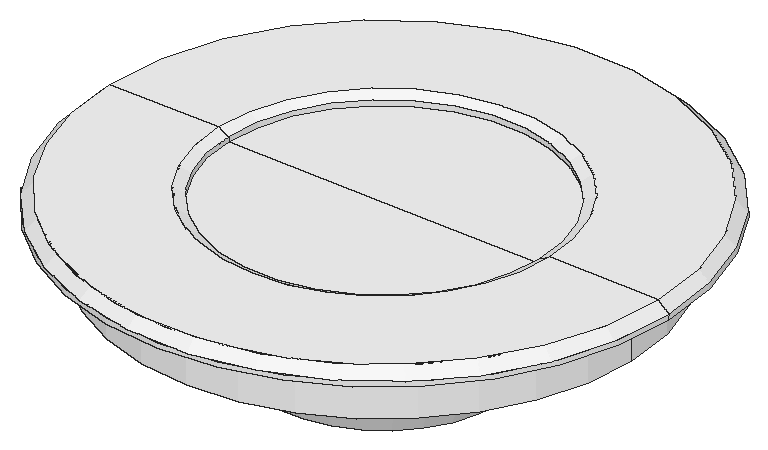
Revit family "0053971", category Lighting Fixtures, host Face, Revit 2016
Family settings
  Host = Face
  Part Type = Normal
  Round Connector Dimension = Use Diameter
  OmniClass Number = 23.80.70.11.14.11
  OmniClass Title = Downlights
  Cut with Voids When Loaded = No
  Light Source = Yes
  Shared = No
  Room Calculation Point = No
Parameters (values of type "0053971 START ECO DOWNLIGHT FLAT 100 600LM 840")
  Weight = "0.606 kg"
  Wattage Comments = "n/a"
  Wattage = 7.2 W
  WarrantyStartDate [instance] = "n/a"
  WarrantyGuarantorParts = "n/a"
  WarrantyDurationUnit = "n/a"
  WarrantyDurationParts = "n/a"
  WarrantyDescription = "n/a"
  built-in parameter 1150110 = 1 (stored number, unit not read)
  Voltage = 0 V
  URL = "http://www.sylvania-lighting.com"
  TypeName = "START ECO Downlight Flat 100 600LM 840"
  Type Image = <None>
  Type Comments = "n/a"
  built-in parameter 1114217 = 1 (stored number, unit not read)
  Tilt Angle = -90.00°
  built-in parameter 1150109 = 1 (stored number, unit not read)
  built-in parameter 1150134 = 12
  built-in parameter 1150113 = 1 (stored number, unit not read)
  SerialNumber [instance] = "n/a"
  ReflectorMaterial = none
  RecessedHeight_FEILO = 27 mm
  RecessedDiameter_FEILO = 100 mm
  PowerFactor = 0.9
  PowerConsumption = "7.2 W"
  Photometric Web File = "0053971.ies"
  NominalLength = 115 mm
  NominalHeight = 27 mm
  NominalDepth = 115 mm
  Name = "START ECO Downlight Flat 100 600LM 840"
  ModelReference = Name  # "START ECO Downlight Flat 100 600LM 840"
  ModelNumber = "0053971"
  Model = Name  # "START ECO Downlight Flat 100 600LM 840"
  Material = "n/a"
  ManufacturerName = "Feilo Sylvania"
  Manufacturer = "Feilo Sylvania"
  LuminousEfficacy = "83 lm/W"
  built-in parameter 1150105 = 205.27 (stored number, unit not read)
  Lumens = 597.6 lm
  LuminaireType = ""
  built-in parameter 1150115 = 1 (stored number, unit not read)
  LightOutputRatio = "100"
  built-in parameter 1150137 = (empty or 0)
  built-in parameter 1150139 = (empty or 0)
  LampsType = Lamp  # "LED"
  LampNominalLuminous = "600 lm"
  LampMacAdamStep = "6"
  LampColourTemperature = "4000 K"
  LampColourRenderingIndex = "80"
  built-in parameter 1150112 = 1 (stored number, unit not read)
  built-in parameter 1150114 = 1 (stored number, unit not read)
  Lamp = "LED"
  Keynote = "16500"
  InstallationDate [instance] = "n/a"
  InputVoltage = "n/a"
  InputNominalFrequency = "n/a"
  built-in parameter 1150132 = (empty or 0)
  built-in parameter 1150102 = (empty or 0)
  built-in parameter 1150107 = 4000 (stored number, unit not read)
  built-in parameter 1150138 = (empty or 0)
  IngressProtection = "IP20"
  ImpactProtectionIndex = "IK03"
  built-in parameter 1150106 = 2.0527 (stored number, unit not read)
  IfcExportType = "IfcLightFixtureType"
  IfcExportAs = "IfcLightFixtureType"
  ExpectedLife = 50000
  Emit from Circle Diameter = BodyLength_FEILO - 48 mm  # 67 mm
  Emit Shape Visible in Rendering = no
  ElectricShockClassification = "Class II"
  built-in parameter 1150104 = 7.711 (stored number, unit not read)
  DurationUnit = "hours"
  DocumentationLiterature = "http://www.sylvania-lighting.com/product/en-int/products/0053971"
  DimmingControlOptions = "n/a"
  Dimming Lamp Color Temperature Shift = <None>
  DiffuserMaterial = Diffuser-Sylvania-Glow
  Description = ""
  Default Elevation = 1219.2 mm
  CutoutHeight_FEILO = RecessedHeight_FEILO + 10 mm  # 37 mm
  CreatedOn = "2/12/2019"
  CreatedBy = "@sylvania-lighting.com"
  Cost = 0
  Color Filter = 16777215
  built-in parameter 1114216 [instance] = (empty or 0)
  ClassificationValue = "EF_70_80"
  ClassificationName = "Uniclass2015"
  BodyWidth_FEILO = BodyLength_FEILO  # 115 mm
  BodyMaterial = Body-Sylvania-SylFlatDimmable-White
  BodyLength_FEILO = 115 mm
  BarCode [instance] = "n/a"
  built-in parameter 1114218 = 1 (stored number, unit not read)
  built-in parameter 1150133 = 10 (stored number, unit not read)
  AssetType = "Fixed"
  AssetIdentifier [instance] = "n/a"
  Assembly Code = "D5020200"
  Apparent Load = 7.2 VA
  AccessoryMaterial = Diffuser-Sylvania-Glow
Reference planes
  plane 1 "Center (Front/Back)": y = 0
  plane 2: z = 0
  plane 3 "Center (Left/Right)": x = 0
  plane 4: x = 57.5
  plane 5: x = -57.5
  plane 6: y = 57.5
  plane 7: y = -57.5
  plane 8: z = 3
  plane 9: z = -27
  plane 10: x = 50
  plane 11: x = -50
  plane 12: y = 50
  plane 13: y = -50
  plane 14: z = 2
  plane 15: x = -33.5
  plane 16: z = -27
  plane 17: z = -37
  plane 18: x = -23.5
  plane 19: z = -10
  plane 20: z = 1
  plane 21: x = -55.5
  plane 22: x = -31.5
Forms (mm)
  Revolve 1, void
    sketch origin (0, 0, 0) x (1, 0, 0) y (0, 0, 1)
      loop
        line (0, 0) -> (-50, 0) -> (-50, -37) -> (0, -37) -> (0, 0)
      axis (0, 0) -> (0, -37)
    angle from 360 to 0
  Revolve 2, solid, material "Body-Sylvania-SylFlatDimmable-White" <- "BodyMaterial"
    sketch origin (0, 0, 0) x (1, 0, 0) y (0, 0, 1)
      loop
        line (0, 1) -> (-31.5, 1) -> (-31.5, 2) -> (-33.5, 3) -> (-55.5, 3) -> (-57.5, 1) -> (-57.5, 0) -> (-50, 0) -> (-50, -10) -> (-33.5, -10) -> (-23.5, -27) -> (0, -27) -> (0, 1)
      axis (0, 3) -> (0, -27)
    angle from 360 to 0
Dimensions and locks
  equal spacing: plane 5, plane 3 "Center (Left/Right)", plane 4
  equal spacing: plane 7, plane 1 "Center (Front/Back)", plane 6
  "BodyWidth_FEILO": plane 7 to plane 6
  "BodyLength_FEILO": plane 5 to plane 4
  locked: plane 8 to plane 2 at 3
  equal spacing: plane 11, plane 3 "Center (Left/Right)", plane 10
  "RecessedDiameter_FEILO": plane 11 to plane 10
  equal spacing: plane 13, plane 1 "Center (Front/Back)", plane 12
  "RecessedDiameter_FEILO": plane 13 to plane 12
  locked: plane 14 to plane 2 at 2
  locked: plane 15 to plane 5 at 24
  "RecessedHeight_FEILO": plane 2 to plane 16
  "CutoutHeight_FEILO": plane 2 to plane 17
  locked: plane 18 to plane 15 at 10
  locked: plane 2 to plane 19 at 10
  locked: plane 20 to plane 2 at 1
  locked: plane 21 to plane 5 at 2
  locked: plane 22 to plane 15 at 2
  aligned and locked: plane 2 to host face
  aligned and locked: level to host face
  aligned and locked: Revolve 1 sketch curve to plane 3 "Center (Left/Right)"
  aligned and locked: plane 17 to Revolve 1 sketch curve
  aligned and locked: plane 3 "Center (Left/Right)" to Revolve 1 sketch curve
  aligned and locked: Revolve 1 sketch curve to plane 11
  aligned and locked: level to Revolve 1 sketch curve
  aligned and locked: Revolve 2 sketch curve to plane 8
  aligned and locked: plane 5 to Revolve 2 sketch curve
  aligned and locked: Revolve 2 sketch curve to level
  aligned and locked: Revolve 2 sketch curve to plane 11
  aligned and locked: plane 19 to Revolve 2 sketch curve
  aligned and locked: plane 9 to Revolve 2 sketch curve
  aligned and locked: plane 3 "Center (Left/Right)" to Revolve 2 sketch curve
  aligned and locked: Revolve 2 sketch curve to plane 3 "Center (Left/Right)"
  aligned and locked: plane 3 "Center (Left/Right)" to imposter light
  aligned and locked: imposter light to plane 14
  aligned and locked: imposter light to plane 1 "Center (Front/Back)"
  aligned and locked: Revolve 2 sketch curve to plane 20
  aligned and locked: plane 22 to Revolve 2 sketch curve
Automatic sketch dimensions
  host sketch curve to host sketch curve = 2438.4 mm  (x2)
  plane 17 to Revolve 1 sketch curve = 577.6 mm
  Revolve 1 sketch curve to plane 8 = 2606.058 mm
  Revolve 2 sketch curve to plane 21 = 0 mm
  Revolve 2 sketch curve to plane 15 = 0 mm  (x2)
  Revolve 2 sketch curve to plane 14 = 0 mm
  Revolve 2 sketch curve to plane 18 = 0 mm
  Revolve 2 sketch curve to plane 20 = 0 mm
  plane 17 to Revolve 2 sketch curve = 572.6 mm
  Revolve 2 sketch curve to plane 8 = 2606.058 mm
Connectors
  electrical at (0, 0, 0), driven by "Apparent Load", driven by "PowerFactor", driven by "Voltage"
    settings: index 1, voltage 0 V, apparent load 7.2 VA, apparent load phase1 0 VA, apparent load phase2 0 VA, apparent load phase3 0 VA, power factor 0.9, load classification "Lighting", number of poles 1, system type 30, power factor state 1, is connector primary yes, connector utility no, sub classification motor no, connector description ""
